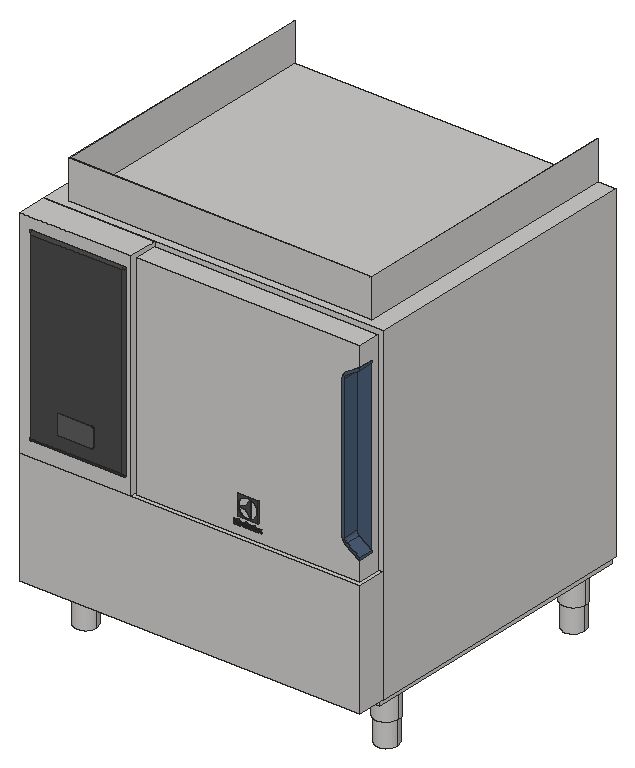
Revit family "QF_ELECTROLUXPROFESSIONAL_725584_EBFA61WHE", category Specialty Equipment, Revit 2023
Family settings
  Round Connector Dimension = Use Diameter
  Part Type = Normal
  Work Plane-Based = No
  Enable Cutting in Views = No
  Always vertical = Yes
  Cut with Voids When Loaded = No
  Maintain Annotation Orientation = No
  Shared = No
  Room Calculation Point = No
Parameters
  Weight = 165.00 kg
  Watts = 0 W
  Volts = 380 V
  URL Manufacturer = "http://www.electroluxprofessional.com"
  URL = "http://www.electroluxprofessional.com"
  Steam Supply Size = 0 mm
  Steam Supply Minimum Pressure = 0.0 Pa
  Steam Supply Maximum Pressure = 0.0 Pa
  Steam Pounds per Hour = 0
  Show Logo [instance] = yes
  Show Clearance [instance] = yes
  Refrigeration Suction Line Size = 0 mm
  Refrigeration Liquid Line Size = 0 mm
  Refrigerant Compressor Remote = yes
  Manufacturer = "Electrolux Professional"
  Phase = 3
  Model = "EBFA61WHE"
  Length Actual = 897 mm
  Item Number = "725584"
  Hot Water Size = 0 mm
  Height Actual = 1020 mm
  HP = "3.6 HP"
  Gas Size = 0 mm
  Gas KW = 0
  Gas Input Pressure = 0 W
  Direct Waste Size = 139.7 mm
  Description = "SKYLINE CHILLS BLAST CHILLER FREEZER 30/30KG 6 GN 1/1 - FOR TOWER EXECUTION - LEFT HINGED DOOR - R290"
  Depth Actual = 937 mm
  Default Elevation = 0 mm
  Cycle = 50 Hz
  Condensate Return Size = 0 mm
  Compressed Air Volume = 0.0 L/s
  Compressed Air Size = 0 mm
  Compressed Air Pressure = 0.0 Pa
  Cold Water Size = 0 mm
  Accessory = no
Reference planes
  plane 1 "Center X": y = 126.851
  plane 2: z = 0
  plane 3 "Center Y": x = -311.5
  plane 4 "LEFT": x = -760
  plane 5 "BACK": y = 548.851
  plane 6 "RIGHT": x = 137
  plane 7 "FRONT": y = -295.149
  plane 8: z = 130
  plane 9: x = -708
  plane 10: y = 473.851
  plane 11: x = 85
  plane 12: y = -142.149
  plane 13 "TOP": z = 1020.038
  plane 14: y = 641.851
  plane 15: y = -847.149
Forms (mm)
  Extrusion 1, solid, material "QF_Finishes_Stainless Steel"
    sketch origin (0, 0, 1060.038) x (-1, 0, 0) y (0, -1, 0)
      loop
        line (759, -548.851) -> (759, 216.149) -> (-136, 216.149) -> (-136, -548.851) -> (759, -548.851)
    from -40 to -910.018
  Extrusion 2, void
    sketch origin (-759, -216.149, 1060.038) x (-1, 0, 0) y (0, 0, 1)
      loop
        line (-370.8, -100) -> (-826.8, -100) -> (-826.8, -491.98) -> (-370.8, -491.98) -> (-370.8, -100)
    from 0 to 703
  Extrusion 3, solid, material "QF_Finishes_Stainless Steel"
    sketch origin (-760, -0.954, 0) x (0, 1, 0) y (0, 0, 1)
      loop
        line (549.805, 694.306) -> (549.805, 392.314) -> (635.5, 399.789)
        arc (635.5, 399.789) -> (640.702, 402.354) -> (642.805, 407.759) r 8
        line (642.805, 407.759) -> (642.805, 433.233)
        arc (642.805, 433.233) -> (638.783, 442.547) -> (642.805, 451.86) r 12.795
        line (642.805, 451.86) -> (642.805, 483.24)
        arc (642.805, 483.24) -> (638.783, 492.554) -> (642.805, 501.867) r 12.795
        line (642.805, 501.867) -> (642.805, 533.247)
        arc (642.805, 533.247) -> (638.783, 542.56) -> (642.805, 551.874) r 12.795
        line (642.805, 551.874) -> (642.805, 583.254)
        arc (642.805, 583.254) -> (638.783, 592.567) -> (642.805, 601.881) r 12.795
        line (642.805, 601.881) -> (642.805, 634.796)
        arc (642.805, 634.796) -> (641.466, 639.795) -> (637.808, 643.455) r 10
        line (637.808, 643.455) -> (549.805, 694.306)
    from 123.244 to 306.92
  Extrusion 4, solid, material "QF_Finishes_Stainless Steel"
    sketch origin (-817.599, 548.851, 1060.038) x (1, 0, 0) y (0, 0, -1)
      loop
        circle (121.599, 802.038) r 10.5
    from 0 to 29
  Extrusion 5, solid, material "QF_Finishes_Stainless Steel"
    sketch origin (0, 0, 1060.038) x (-1, 0, 0) y (0, -1, 0)
      loop
        line (759, 295.149) -> (467.2, 295.149) -> (467.2, 217.149) -> (759, 217.149) -> (759, 295.149)
    from -40 to -607
  Extrusion 6, solid, material "QF_Finishes_Stainless Steel"
    sketch origin (-1206.916, -1524, 130) x (-1, 0, 0) y (0, -1, 0)
      loop
        line (-447.916, -1228.851) -> (-1342.916, -1228.851) -> (-1342.916, -1306.851) -> (-447.916, -1306.851) -> (-447.916, -1228.851)
    from 322 to 20.02
  Extrusion 7, solid, material "QF_Finishes_Stainless Steel"
    sketch origin (0, 0, 1060.038) x (-1, 0, 0) y (0, -1, 0)
      loop
        line (748.993, -548.851) -> (748.993, 214.216) -> (-125.993, 214.216) -> (-125.993, -548.851) -> (748.993, -548.851)
    from -910.018 to -930.038
  Extrusion 8, solid, material "QF_Finishes_Stainless Steel"
    sketch origin (0, 0, 130) x (0, -1, 0) y (-1, 0, 0)
      loop
        circle (-215.851, 360) r 9.5
    from 0 to 31.68
  Extrusion 9, void
    sketch origin (0, 0, 1060.038) x (-1, 0, 0) y (0, -1, 0)
      loop
        line (627.033, -641.851) -> (636.756, -641.851) -> (636.756, -548.851) -> (635.125, -548.851) -> (627.033, -641.851)
      loop
        line (454.711, -548.851) -> (453.08, -548.851) -> (453.08, -641.851) -> (462.803, -641.851) -> (454.711, -548.851)
    from -673 to -363
  Extrusion 10, solid, material "QF_Finishes_Stainless Steel"
    sketch origin (-19, -1, 0) x (1, 0, 0) y (0, 1, 0)
      loop
        line (-690, -190.149) -> (-690, 549.851) -> (-692, 549.851) -> (-692, -192.149) -> (107, -192.149) -> (107, 549.851) -> (105, 549.851) -> (105, -190.149) -> (-690, -190.149)
    from 1020.038 to 1120.038
  Extrusion 11, solid, material "QF_Finishes_Stainless Steel"
    sketch origin (-315.205, -295.149, 0) x (1, 0, 0) y (0, 0, -1)
      loop
        line (451.2, -1020.033) -> (451.2, -968.898) -> (414.947, -944.816)
        arc (414.947, -944.816) -> (408.716, -937.969) -> (406.46, -928.989) r 19
        line (406.46, -928.989) -> (406.46, -554.076)
        arc (406.46, -554.076) -> (408.839, -544.616) -> (415.41, -537.406) r 20
        line (415.41, -537.406) -> (451.2, -513.683) -> (451.2, -462.497) -> (-135.995, -462.497) -> (-135.995, -1020.033) -> (451.2, -1020.033)
    from 0 to 60
  Extrusion 12, solid, material "QF_Finishes_Stainless Steel"
    sketch origin (-315.205, -235.149, 0) x (1, 0, 0) y (0, 0, -1)
      loop
        line (406.46, -554.076) -> (406.46, -928.989)
        arc (406.46, -928.989) -> (408.716, -937.969) -> (414.947, -944.816) r 19
        line (414.947, -944.816) -> (451.2, -968.898) -> (451.2, -513.683) -> (415.41, -537.406)
        arc (415.41, -537.406) -> (408.839, -544.616) -> (406.46, -554.076) r 20
    from -21 to 0
  Extrusion 13, solid, material "QF_Finishes_Electrolux_Blue"
    sketch origin (-315.205, -295.149, 0) x (-1, 0, 0) y (0, 0, -1)
      loop
        line (-451.2, -968.898) -> (-414.947, -944.816)
        arc (-414.947, -944.816) -> (-408.716, -937.969) -> (-406.46, -928.989) r 19
        line (-406.46, -928.989) -> (-406.46, -554.076)
        arc (-406.46, -554.076) -> (-408.839, -544.616) -> (-415.41, -537.406) r 20
        line (-415.41, -537.406) -> (-451.2, -513.683) -> (-453.7, -513.683) -> (-453.7, -519.824) -> (-419.001, -542.824)
        arc (-419.001, -542.824) -> (-414.566, -547.691) -> (-412.96, -554.076) r 13.5
        line (-412.96, -554.076) -> (-412.96, -928.989)
        arc (-412.96, -928.989) -> (-414.444, -934.897) -> (-418.543, -939.401) r 12.5
        line (-418.543, -939.401) -> (-453.7, -962.755) -> (-453.7, -968.898) -> (-451.2, -968.898)
    from -39 to 1
  Extrusion 14, solid, material "QF_Door-Drawer Clearances", visible <- "Show Clearance", detail levels coarse
    sketch origin (-458.205, -393.449, 0) x (0, -1, 0) y (0, 0, -1)
      loop
        line (451.2, -1020.033) -> (451.2, -968.898) -> (414.947, -944.816)
        arc (414.947, -944.816) -> (408.716, -937.969) -> (406.46, -928.989) r 19
        line (406.46, -928.989) -> (406.46, -554.076)
        arc (406.46, -554.076) -> (408.839, -544.616) -> (415.41, -537.406) r 20
        line (415.41, -537.406) -> (451.2, -513.683) -> (451.2, -462.497) -> (-98.3, -462.497) -> (-98.3, -1020.033) -> (451.2, -1020.033)
    from 0 to 60
  Extrusion 15, solid, material "QF_Door-Drawer Clearances", visible <- "Show Clearance", detail levels coarse
    sketch origin (-398.205, -393.449, 0) x (0, -1, 0) y (0, 0, -1)
      loop
        line (406.46, -554.076) -> (406.46, -928.989)
        arc (406.46, -928.989) -> (408.716, -937.969) -> (414.947, -944.816) r 19
        line (414.947, -944.816) -> (451.2, -968.898) -> (451.2, -513.683) -> (415.41, -537.406)
        arc (415.41, -537.406) -> (408.839, -544.616) -> (406.46, -554.076) r 20
    from -21 to 0
  Extrusion 16, solid, material "QF_Door-Drawer Clearances", visible <- "Show Clearance", detail levels coarse
    sketch origin (-458.205, -393.449, 0) x (0, 1, 0) y (0, 0, -1)
      loop
        line (-451.2, -968.898) -> (-414.947, -944.816)
        arc (-414.947, -944.816) -> (-408.716, -937.969) -> (-406.46, -928.989) r 19
        line (-406.46, -928.989) -> (-406.46, -554.076)
        arc (-406.46, -554.076) -> (-408.839, -544.616) -> (-415.41, -537.406) r 20
        line (-415.41, -537.406) -> (-451.2, -513.683) -> (-453.7, -513.683) -> (-453.7, -519.824) -> (-419.001, -542.824)
        arc (-419.001, -542.824) -> (-414.566, -547.691) -> (-412.96, -554.076) r 13.5
        line (-412.96, -554.076) -> (-412.96, -928.989)
        arc (-412.96, -928.989) -> (-414.444, -934.897) -> (-418.543, -939.401) r 12.5
        line (-418.543, -939.401) -> (-453.7, -962.755) -> (-453.7, -968.898) -> (-451.2, -968.898)
    from -39 to 1
  Extrusion 17, solid, material "QF_Door-Drawer Clearances", visible <- "Show Clearance", detail levels coarse
    sketch origin (-315.205, 0, 1060.038) x (1, 0, 0) y (0, 1, 0)
      loop
        line (-83, -295.149) -> (-83, -844.649)
        arc (-83, -844.649) -> (290.883, -673.709) -> (451.2, -295.149) r 567.425
        line (451.2, -295.149) -> (-83, -295.149)
    from -597.541 to -40
Cuts and joins
  Extrusion 2 cuts Extrusion 1
  Extrusion 9 cuts Extrusion 3
  joined: Extrusion 1, Extrusion 3, Extrusion 4, Extrusion 7, Extrusion 8
  joined: Extrusion 14, Extrusion 15, Extrusion 16, Extrusion 17
  joined: Extrusion 11, Extrusion 12
Lines and regions (mm)
  Split face 1
    outline origin (-489, -295.149, 130) x (-1, 0, 0) y (0, 0, -1)
      loop
        line (-132.388, -290.639) -> (-22.373, -290.639) -> (-22.373, -285.612) -> (-132.388, -285.612) -> (-132.388, -290.639)
  Split face 2
    outline origin (-489, -295.149, 120.528) x (-1, 0, 0) y (0, 0, -1)
      loop
        line (-132.388, -290.639) -> (-22.373, -290.639) -> (-22.373, -285.612) -> (-132.388, -285.612) -> (-132.388, -290.639)
  Split face 3
    outline origin (-489, -295.149, 111.056) x (-1, 0, 0) y (0, 0, -1)
      loop
        line (-132.388, -290.639) -> (-22.373, -290.639) -> (-22.373, -285.612) -> (-132.388, -285.612) -> (-132.388, -290.639)
  Split face 4
    outline origin (-489, -295.149, 101.583) x (-1, 0, 0) y (0, 0, -1)
      loop
        line (-132.388, -290.639) -> (-22.373, -290.639) -> (-22.373, -285.612) -> (-132.388, -285.612) -> (-132.388, -290.639)
  Split face 5
    outline origin (-489, -295.149, 92.111) x (-1, 0, 0) y (0, 0, -1)
      loop
        line (-132.388, -290.639) -> (-22.373, -290.639) -> (-22.373, -285.612) -> (-132.388, -285.612) -> (-132.388, -290.639)
  Split face 6
    outline origin (-489, -295.149, 82.639) x (-1, 0, 0) y (0, 0, -1)
      loop
        line (-132.388, -290.639) -> (-22.373, -290.639) -> (-22.373, -285.612) -> (-132.388, -285.612) -> (-132.388, -290.639)
  Split face 7
    outline origin (-489, -295.149, 73.167) x (-1, 0, 0) y (0, 0, -1)
      loop
        line (-132.388, -290.639) -> (-22.373, -290.639) -> (-22.373, -285.612) -> (-132.388, -285.612) -> (-132.388, -290.639)
  Split face 8
    outline origin (-489, -295.149, 63.695) x (-1, 0, 0) y (0, 0, -1)
      loop
        line (-132.388, -290.639) -> (-22.373, -290.639) -> (-22.373, -285.612) -> (-132.388, -285.612) -> (-132.388, -290.639)
  Split face 9
    outline origin (-489, -295.149, 54.223) x (-1, 0, 0) y (0, 0, -1)
      loop
        line (-132.388, -290.639) -> (-22.373, -290.639) -> (-22.373, -285.612) -> (-132.388, -285.612) -> (-132.388, -290.639)
  Split face 10
    outline origin (-489, -295.149, 44.75) x (-1, 0, 0) y (0, 0, -1)
      loop
        line (-132.388, -290.639) -> (-22.373, -290.639) -> (-22.373, -285.612) -> (-132.388, -285.612) -> (-132.388, -290.639)
  Split face 11
    outline origin (-489, -295.149, 35.278) x (-1, 0, 0) y (0, 0, -1)
      loop
        line (-132.388, -290.639) -> (-22.373, -290.639) -> (-22.373, -285.612) -> (-132.388, -285.612) -> (-132.388, -290.639)
  Split face 12
    outline origin (-489, -295.149, 25.806) x (-1, 0, 0) y (0, 0, -1)
      loop
        line (-132.388, -290.639) -> (-22.373, -290.639) -> (-22.373, -285.612) -> (-132.388, -285.612) -> (-132.388, -290.639)
  Split face 13
    outline origin (-489, -295.149, 16.334) x (-1, 0, 0) y (0, 0, -1)
      loop
        line (-132.388, -290.639) -> (-22.373, -290.639) -> (-22.373, -285.612) -> (-132.388, -285.612) -> (-132.388, -290.639)
  Split face 14
    outline origin (-489, -295.149, 6.862) x (-1, 0, 0) y (0, 0, -1)
      loop
        line (-132.388, -290.639) -> (-22.373, -290.639) -> (-22.373, -285.612) -> (-132.388, -285.612) -> (-132.388, -290.639)
  Split face 15
    outline origin (-489, -295.149, -2.611) x (-1, 0, 0) y (0, 0, -1)
      loop
        line (-132.388, -290.639) -> (-22.373, -290.639) -> (-22.373, -285.612) -> (-132.388, -285.612) -> (-132.388, -290.639)
  Split face 16
    outline origin (-489, -295.149, -12.083) x (-1, 0, 0) y (0, 0, -1)
      loop
        line (-132.388, -290.639) -> (-22.373, -290.639) -> (-22.373, -285.612) -> (-132.388, -285.612) -> (-132.388, -290.639)
  Split face 17
    outline origin (-489, -295.149, -21.555) x (-1, 0, 0) y (0, 0, -1)
      loop
        line (-132.388, -290.639) -> (-22.373, -290.639) -> (-22.373, -285.612) -> (-132.388, -285.612) -> (-132.388, -290.639)
  Split face 18
    outline origin (-489, -295.149, -31.027) x (-1, 0, 0) y (0, 0, -1)
      loop
        line (-132.388, -290.639) -> (-22.373, -290.639) -> (-22.373, -285.612) -> (-132.388, -285.612) -> (-132.388, -290.639)
  Split face 19
    outline origin (-489, -295.149, -40.499) x (-1, 0, 0) y (0, 0, -1)
      loop
        line (-132.388, -290.639) -> (-22.373, -290.639) -> (-22.373, -285.612) -> (-132.388, -285.612) -> (-132.388, -290.639)
  Split face 20
    outline origin (-489, -295.149, -49.972) x (-1, 0, 0) y (0, 0, -1)
      loop
        line (-132.388, -290.639) -> (-22.373, -290.639) -> (-22.373, -285.612) -> (-132.388, -285.612) -> (-132.388, -290.639)
  Split face 21
    outline origin (-489, -295.149, -59.444) x (-1, 0, 0) y (0, 0, -1)
      loop
        line (-132.388, -290.639) -> (-22.373, -290.639) -> (-22.373, -285.612) -> (-132.388, -285.612) -> (-132.388, -290.639)
  Split face 22
    outline origin (-489, -295.149, -68.916) x (-1, 0, 0) y (0, 0, -1)
      loop
        line (-132.388, -290.639) -> (-22.373, -290.639) -> (-22.373, -285.612) -> (-132.388, -285.612) -> (-132.388, -290.639)
  Split face 23
    outline origin (-489, -295.149, -78.388) x (-1, 0, 0) y (0, 0, -1)
      loop
        line (-132.388, -290.639) -> (-22.373, -290.639) -> (-22.373, -285.612) -> (-132.388, -285.612) -> (-132.388, -290.639)
  Split face 24
    outline origin (-489, -295.149, -87.86) x (-1, 0, 0) y (0, 0, -1)
      loop
        line (-132.388, -290.639) -> (-22.373, -290.639) -> (-22.373, -285.612) -> (-132.388, -285.612) -> (-132.388, -290.639)
  Split face 25
    outline origin (-489, -295.149, -97.332) x (-1, 0, 0) y (0, 0, -1)
      loop
        line (-132.388, -290.639) -> (-22.373, -290.639) -> (-22.373, -285.612) -> (-132.388, -285.612) -> (-132.388, -290.639)
  Split face 26
    outline origin (-489, -295.149, -106.805) x (-1, 0, 0) y (0, 0, -1)
      loop
        line (-132.388, -290.639) -> (-22.373, -290.639) -> (-22.373, -285.612) -> (-132.388, -285.612) -> (-132.388, -290.639)
  Split face 27
    outline origin (-373.984, -295.149, 130) x (-1, 0, 0) y (0, 0, -1)
      loop
        line (-132.388, -290.639) -> (-22.373, -290.639) -> (-22.373, -285.612) -> (-132.388, -285.612) -> (-132.388, -290.639)
  Split face 28
    outline origin (-373.984, -295.149, 120.528) x (-1, 0, 0) y (0, 0, -1)
      loop
        line (-132.388, -290.639) -> (-22.373, -290.639) -> (-22.373, -285.612) -> (-132.388, -285.612) -> (-132.388, -290.639)
  Split face 29
    outline origin (-373.984, -295.149, 111.056) x (-1, 0, 0) y (0, 0, -1)
      loop
        line (-132.388, -290.639) -> (-22.373, -290.639) -> (-22.373, -285.612) -> (-132.388, -285.612) -> (-132.388, -290.639)
  Split face 30
    outline origin (-373.984, -295.149, 101.583) x (-1, 0, 0) y (0, 0, -1)
      loop
        line (-132.388, -290.639) -> (-22.373, -290.639) -> (-22.373, -285.612) -> (-132.388, -285.612) -> (-132.388, -290.639)
  Split face 31
    outline origin (-373.984, -295.149, 92.111) x (-1, 0, 0) y (0, 0, -1)
      loop
        line (-132.388, -290.639) -> (-22.373, -290.639) -> (-22.373, -285.612) -> (-132.388, -285.612) -> (-132.388, -290.639)
  Split face 32
    outline origin (-373.984, -295.149, 82.639) x (-1, 0, 0) y (0, 0, -1)
      loop
        line (-132.388, -290.639) -> (-22.373, -290.639) -> (-22.373, -285.612) -> (-132.388, -285.612) -> (-132.388, -290.639)
  Split face 33
    outline origin (-373.984, -295.149, 73.167) x (-1, 0, 0) y (0, 0, -1)
      loop
        line (-132.388, -290.639) -> (-22.373, -290.639) -> (-22.373, -285.612) -> (-132.388, -285.612) -> (-132.388, -290.639)
  Split face 34
    outline origin (-373.984, -295.149, 63.695) x (-1, 0, 0) y (0, 0, -1)
      loop
        line (-132.388, -290.639) -> (-22.373, -290.639) -> (-22.373, -285.612) -> (-132.388, -285.612) -> (-132.388, -290.639)
  Split face 35
    outline origin (-373.984, -295.149, 54.223) x (-1, 0, 0) y (0, 0, -1)
      loop
        line (-132.388, -290.639) -> (-22.373, -290.639) -> (-22.373, -285.612) -> (-132.388, -285.612) -> (-132.388, -290.639)
  Split face 36
    outline origin (-373.984, -295.149, 44.75) x (-1, 0, 0) y (0, 0, -1)
      loop
        line (-132.388, -290.639) -> (-22.373, -290.639) -> (-22.373, -285.612) -> (-132.388, -285.612) -> (-132.388, -290.639)
  Split face 37
    outline origin (-373.984, -295.149, 35.278) x (-1, 0, 0) y (0, 0, -1)
      loop
        line (-132.388, -290.639) -> (-22.373, -290.639) -> (-22.373, -285.612) -> (-132.388, -285.612) -> (-132.388, -290.639)
  Split face 38
    outline origin (-373.984, -295.149, 25.806) x (-1, 0, 0) y (0, 0, -1)
      loop
        line (-132.388, -290.639) -> (-22.373, -290.639) -> (-22.373, -285.612) -> (-132.388, -285.612) -> (-132.388, -290.639)
  Split face 39
    outline origin (-373.984, -295.149, 16.334) x (-1, 0, 0) y (0, 0, -1)
      loop
        line (-132.388, -290.639) -> (-22.373, -290.639) -> (-22.373, -285.612) -> (-132.388, -285.612) -> (-132.388, -290.639)
  Split face 40
    outline origin (-373.984, -295.149, 6.862) x (-1, 0, 0) y (0, 0, -1)
      loop
        line (-132.388, -290.639) -> (-22.373, -290.639) -> (-22.373, -285.612) -> (-132.388, -285.612) -> (-132.388, -290.639)
  Split face 41
    outline origin (-373.984, -295.149, -2.611) x (-1, 0, 0) y (0, 0, -1)
      loop
        line (-132.388, -290.639) -> (-22.373, -290.639) -> (-22.373, -285.612) -> (-132.388, -285.612) -> (-132.388, -290.639)
  Split face 42
    outline origin (-373.984, -295.149, -12.083) x (-1, 0, 0) y (0, 0, -1)
      loop
        line (-132.388, -290.639) -> (-22.373, -290.639) -> (-22.373, -285.612) -> (-132.388, -285.612) -> (-132.388, -290.639)
  Split face 43
    outline origin (-373.984, -295.149, -21.555) x (-1, 0, 0) y (0, 0, -1)
      loop
        line (-132.388, -290.639) -> (-22.373, -290.639) -> (-22.373, -285.612) -> (-132.388, -285.612) -> (-132.388, -290.639)
  Split face 44
    outline origin (-373.984, -295.149, -31.027) x (-1, 0, 0) y (0, 0, -1)
      loop
        line (-132.388, -290.639) -> (-22.373, -290.639) -> (-22.373, -285.612) -> (-132.388, -285.612) -> (-132.388, -290.639)
  Split face 45
    outline origin (-373.984, -295.149, -40.499) x (-1, 0, 0) y (0, 0, -1)
      loop
        line (-132.388, -290.639) -> (-22.373, -290.639) -> (-22.373, -285.612) -> (-132.388, -285.612) -> (-132.388, -290.639)
  Split face 46
    outline origin (-373.984, -295.149, -49.972) x (-1, 0, 0) y (0, 0, -1)
      loop
        line (-132.388, -290.639) -> (-22.373, -290.639) -> (-22.373, -285.612) -> (-132.388, -285.612) -> (-132.388, -290.639)
  Split face 47
    outline origin (-373.984, -295.149, -59.444) x (-1, 0, 0) y (0, 0, -1)
      loop
        line (-132.388, -290.639) -> (-22.373, -290.639) -> (-22.373, -285.612) -> (-132.388, -285.612) -> (-132.388, -290.639)
  Split face 48
    outline origin (-373.984, -295.149, -68.916) x (-1, 0, 0) y (0, 0, -1)
      loop
        line (-132.388, -290.639) -> (-22.373, -290.639) -> (-22.373, -285.612) -> (-132.388, -285.612) -> (-132.388, -290.639)
  Split face 49
    outline origin (-373.984, -295.149, -78.388) x (-1, 0, 0) y (0, 0, -1)
      loop
        line (-132.388, -290.639) -> (-22.373, -290.639) -> (-22.373, -285.612) -> (-132.388, -285.612) -> (-132.388, -290.639)
  Split face 50
    outline origin (-373.984, -295.149, -87.86) x (-1, 0, 0) y (0, 0, -1)
      loop
        line (-132.388, -290.639) -> (-22.373, -290.639) -> (-22.373, -285.612) -> (-132.388, -285.612) -> (-132.388, -290.639)
  Split face 51
    outline origin (-373.984, -295.149, -97.332) x (-1, 0, 0) y (0, 0, -1)
      loop
        line (-132.388, -290.639) -> (-22.373, -290.639) -> (-22.373, -285.612) -> (-132.388, -285.612) -> (-132.388, -290.639)
  Split face 52
    outline origin (-373.984, -295.149, -106.805) x (-1, 0, 0) y (0, 0, -1)
      loop
        line (-132.388, -290.639) -> (-22.373, -290.639) -> (-22.373, -285.612) -> (-132.388, -285.612) -> (-132.388, -290.639)
  Split face 53
    outline origin (-258.969, -295.149, 130) x (-1, 0, 0) y (0, 0, -1)
      loop
        line (-132.388, -290.639) -> (-22.373, -290.639) -> (-22.373, -285.612) -> (-132.388, -285.612) -> (-132.388, -290.639)
  Split face 54
    outline origin (-258.969, -295.149, 120.528) x (-1, 0, 0) y (0, 0, -1)
      loop
        line (-132.388, -290.639) -> (-22.373, -290.639) -> (-22.373, -285.612) -> (-132.388, -285.612) -> (-132.388, -290.639)
  Split face 55
    outline origin (-258.969, -295.149, 111.056) x (-1, 0, 0) y (0, 0, -1)
      loop
        line (-132.388, -290.639) -> (-22.373, -290.639) -> (-22.373, -285.612) -> (-132.388, -285.612) -> (-132.388, -290.639)
  Split face 56
    outline origin (-258.969, -295.149, 101.583) x (-1, 0, 0) y (0, 0, -1)
      loop
        line (-132.388, -290.639) -> (-22.373, -290.639) -> (-22.373, -285.612) -> (-132.388, -285.612) -> (-132.388, -290.639)
  Split face 57
    outline origin (-258.969, -295.149, 92.111) x (-1, 0, 0) y (0, 0, -1)
      loop
        line (-132.388, -290.639) -> (-22.373, -290.639) -> (-22.373, -285.612) -> (-132.388, -285.612) -> (-132.388, -290.639)
  Split face 58
    outline origin (-258.969, -295.149, 82.639) x (-1, 0, 0) y (0, 0, -1)
      loop
        line (-132.388, -290.639) -> (-22.373, -290.639) -> (-22.373, -285.612) -> (-132.388, -285.612) -> (-132.388, -290.639)
  Split face 59
    outline origin (-258.969, -295.149, 73.167) x (-1, 0, 0) y (0, 0, -1)
      loop
        line (-132.388, -290.639) -> (-22.373, -290.639) -> (-22.373, -285.612) -> (-132.388, -285.612) -> (-132.388, -290.639)
  Split face 60
    outline origin (-258.969, -295.149, 63.695) x (-1, 0, 0) y (0, 0, -1)
      loop
        line (-132.388, -290.639) -> (-22.373, -290.639) -> (-22.373, -285.612) -> (-132.388, -285.612) -> (-132.388, -290.639)
  Split face 61
    outline origin (-258.969, -295.149, 54.223) x (-1, 0, 0) y (0, 0, -1)
      loop
        line (-132.388, -290.639) -> (-22.373, -290.639) -> (-22.373, -285.612) -> (-132.388, -285.612) -> (-132.388, -290.639)
  Split face 62
    outline origin (-258.969, -295.149, 44.75) x (-1, 0, 0) y (0, 0, -1)
      loop
        line (-132.388, -290.639) -> (-22.373, -290.639) -> (-22.373, -285.612) -> (-132.388, -285.612) -> (-132.388, -290.639)
  Split face 63
    outline origin (-258.969, -295.149, 35.278) x (-1, 0, 0) y (0, 0, -1)
      loop
        line (-132.388, -290.639) -> (-22.373, -290.639) -> (-22.373, -285.612) -> (-132.388, -285.612) -> (-132.388, -290.639)
  Split face 64
    outline origin (-258.969, -295.149, 25.806) x (-1, 0, 0) y (0, 0, -1)
      loop
        line (-132.388, -290.639) -> (-22.373, -290.639) -> (-22.373, -285.612) -> (-132.388, -285.612) -> (-132.388, -290.639)
  Split face 65
    outline origin (-258.969, -295.149, 16.334) x (-1, 0, 0) y (0, 0, -1)
      loop
        line (-132.388, -290.639) -> (-22.373, -290.639) -> (-22.373, -285.612) -> (-132.388, -285.612) -> (-132.388, -290.639)
  Split face 66
    outline origin (-258.969, -295.149, 6.862) x (-1, 0, 0) y (0, 0, -1)
      loop
        line (-132.388, -290.639) -> (-22.373, -290.639) -> (-22.373, -285.612) -> (-132.388, -285.612) -> (-132.388, -290.639)
  Split face 67
    outline origin (-258.969, -295.149, -2.611) x (-1, 0, 0) y (0, 0, -1)
      loop
        line (-132.388, -290.639) -> (-22.373, -290.639) -> (-22.373, -285.612) -> (-132.388, -285.612) -> (-132.388, -290.639)
  Split face 68
    outline origin (-258.969, -295.149, -12.083) x (-1, 0, 0) y (0, 0, -1)
      loop
        line (-132.388, -290.639) -> (-22.373, -290.639) -> (-22.373, -285.612) -> (-132.388, -285.612) -> (-132.388, -290.639)
  Split face 69
    outline origin (-258.969, -295.149, -21.555) x (-1, 0, 0) y (0, 0, -1)
      loop
        line (-132.388, -290.639) -> (-22.373, -290.639) -> (-22.373, -285.612) -> (-132.388, -285.612) -> (-132.388, -290.639)
  Split face 70
    outline origin (-258.969, -295.149, -31.027) x (-1, 0, 0) y (0, 0, -1)
      loop
        line (-132.388, -290.639) -> (-22.373, -290.639) -> (-22.373, -285.612) -> (-132.388, -285.612) -> (-132.388, -290.639)
  Split face 71
    outline origin (-258.969, -295.149, -40.499) x (-1, 0, 0) y (0, 0, -1)
      loop
        line (-132.388, -290.639) -> (-22.373, -290.639) -> (-22.373, -285.612) -> (-132.388, -285.612) -> (-132.388, -290.639)
  Split face 72
    outline origin (-258.969, -295.149, -49.972) x (-1, 0, 0) y (0, 0, -1)
      loop
        line (-132.388, -290.639) -> (-22.373, -290.639) -> (-22.373, -285.612) -> (-132.388, -285.612) -> (-132.388, -290.639)
  Split face 73
    outline origin (-258.969, -295.149, -59.444) x (-1, 0, 0) y (0, 0, -1)
      loop
        line (-132.388, -290.639) -> (-22.373, -290.639) -> (-22.373, -285.612) -> (-132.388, -285.612) -> (-132.388, -290.639)
  Split face 74
    outline origin (-258.969, -295.149, -68.916) x (-1, 0, 0) y (0, 0, -1)
      loop
        line (-132.388, -290.639) -> (-22.373, -290.639) -> (-22.373, -285.612) -> (-132.388, -285.612) -> (-132.388, -290.639)
  Split face 75
    outline origin (-258.969, -295.149, -78.388) x (-1, 0, 0) y (0, 0, -1)
      loop
        line (-132.388, -290.639) -> (-22.373, -290.639) -> (-22.373, -285.612) -> (-132.388, -285.612) -> (-132.388, -290.639)
  Split face 76
    outline origin (-258.969, -295.149, -87.86) x (-1, 0, 0) y (0, 0, -1)
      loop
        line (-132.388, -290.639) -> (-22.373, -290.639) -> (-22.373, -285.612) -> (-132.388, -285.612) -> (-132.388, -290.639)
  Split face 77
    outline origin (-258.969, -295.149, -97.332) x (-1, 0, 0) y (0, 0, -1)
      loop
        line (-132.388, -290.639) -> (-22.373, -290.639) -> (-22.373, -285.612) -> (-132.388, -285.612) -> (-132.388, -290.639)
  Split face 78
    outline origin (-258.969, -295.149, -106.805) x (-1, 0, 0) y (0, 0, -1)
      loop
        line (-132.388, -290.639) -> (-22.373, -290.639) -> (-22.373, -285.612) -> (-132.388, -285.612) -> (-132.388, -290.639)
  Split face 79
    outline origin (-143.953, -295.149, 130) x (-1, 0, 0) y (0, 0, -1)
      loop
        line (-132.388, -290.639) -> (-22.373, -290.639) -> (-22.373, -285.612) -> (-132.388, -285.612) -> (-132.388, -290.639)
  Split face 80
    outline origin (-143.953, -295.149, 120.528) x (-1, 0, 0) y (0, 0, -1)
      loop
        line (-132.388, -290.639) -> (-22.373, -290.639) -> (-22.373, -285.612) -> (-132.388, -285.612) -> (-132.388, -290.639)
  Split face 81
    outline origin (-143.953, -295.149, 111.056) x (-1, 0, 0) y (0, 0, -1)
      loop
        line (-132.388, -290.639) -> (-22.373, -290.639) -> (-22.373, -285.612) -> (-132.388, -285.612) -> (-132.388, -290.639)
  Split face 82
    outline origin (-143.953, -295.149, 101.583) x (-1, 0, 0) y (0, 0, -1)
      loop
        line (-132.388, -290.639) -> (-22.373, -290.639) -> (-22.373, -285.612) -> (-132.388, -285.612) -> (-132.388, -290.639)
  Split face 83
    outline origin (-143.953, -295.149, 92.111) x (-1, 0, 0) y (0, 0, -1)
      loop
        line (-132.388, -290.639) -> (-22.373, -290.639) -> (-22.373, -285.612) -> (-132.388, -285.612) -> (-132.388, -290.639)
  Split face 84
    outline origin (-143.953, -295.149, 82.639) x (-1, 0, 0) y (0, 0, -1)
      loop
        line (-132.388, -290.639) -> (-22.373, -290.639) -> (-22.373, -285.612) -> (-132.388, -285.612) -> (-132.388, -290.639)
  Split face 85
    outline origin (-143.953, -295.149, 73.167) x (-1, 0, 0) y (0, 0, -1)
      loop
        line (-132.388, -290.639) -> (-22.373, -290.639) -> (-22.373, -285.612) -> (-132.388, -285.612) -> (-132.388, -290.639)
  Split face 86
    outline origin (-143.953, -295.149, 63.695) x (-1, 0, 0) y (0, 0, -1)
      loop
        line (-132.388, -290.639) -> (-22.373, -290.639) -> (-22.373, -285.612) -> (-132.388, -285.612) -> (-132.388, -290.639)
  Split face 87
    outline origin (-143.953, -295.149, 54.223) x (-1, 0, 0) y (0, 0, -1)
      loop
        line (-132.388, -290.639) -> (-22.373, -290.639) -> (-22.373, -285.612) -> (-132.388, -285.612) -> (-132.388, -290.639)
  Split face 88
    outline origin (-143.953, -295.149, 44.75) x (-1, 0, 0) y (0, 0, -1)
      loop
        line (-132.388, -290.639) -> (-22.373, -290.639) -> (-22.373, -285.612) -> (-132.388, -285.612) -> (-132.388, -290.639)
  Split face 89
    outline origin (-143.953, -295.149, 35.278) x (-1, 0, 0) y (0, 0, -1)
      loop
        line (-132.388, -290.639) -> (-22.373, -290.639) -> (-22.373, -285.612) -> (-132.388, -285.612) -> (-132.388, -290.639)
  Split face 90
    outline origin (-143.953, -295.149, 25.806) x (-1, 0, 0) y (0, 0, -1)
      loop
        line (-132.388, -290.639) -> (-22.373, -290.639) -> (-22.373, -285.612) -> (-132.388, -285.612) -> (-132.388, -290.639)
  Split face 91
    outline origin (-143.953, -295.149, 16.334) x (-1, 0, 0) y (0, 0, -1)
      loop
        line (-132.388, -290.639) -> (-22.373, -290.639) -> (-22.373, -285.612) -> (-132.388, -285.612) -> (-132.388, -290.639)
  Split face 92
    outline origin (-143.953, -295.149, 6.862) x (-1, 0, 0) y (0, 0, -1)
      loop
        line (-132.388, -290.639) -> (-22.373, -290.639) -> (-22.373, -285.612) -> (-132.388, -285.612) -> (-132.388, -290.639)
  Split face 93
    outline origin (-143.953, -295.149, -2.611) x (-1, 0, 0) y (0, 0, -1)
      loop
        line (-132.388, -290.639) -> (-22.373, -290.639) -> (-22.373, -285.612) -> (-132.388, -285.612) -> (-132.388, -290.639)
  Split face 94
    outline origin (-143.953, -295.149, -12.083) x (-1, 0, 0) y (0, 0, -1)
      loop
        line (-132.388, -290.639) -> (-22.373, -290.639) -> (-22.373, -285.612) -> (-132.388, -285.612) -> (-132.388, -290.639)
  Split face 95
    outline origin (-143.953, -295.149, -21.555) x (-1, 0, 0) y (0, 0, -1)
      loop
        line (-132.388, -290.639) -> (-22.373, -290.639) -> (-22.373, -285.612) -> (-132.388, -285.612) -> (-132.388, -290.639)
  Split face 96
    outline origin (-143.953, -295.149, -31.027) x (-1, 0, 0) y (0, 0, -1)
      loop
        line (-132.388, -290.639) -> (-22.373, -290.639) -> (-22.373, -285.612) -> (-132.388, -285.612) -> (-132.388, -290.639)
  Split face 97
    outline origin (-143.953, -295.149, -40.499) x (-1, 0, 0) y (0, 0, -1)
      loop
        line (-132.388, -290.639) -> (-22.373, -290.639) -> (-22.373, -285.612) -> (-132.388, -285.612) -> (-132.388, -290.639)
  Split face 98
    outline origin (-143.953, -295.149, -49.972) x (-1, 0, 0) y (0, 0, -1)
      loop
        line (-132.388, -290.639) -> (-22.373, -290.639) -> (-22.373, -285.612) -> (-132.388, -285.612) -> (-132.388, -290.639)
  Split face 99
    outline origin (-143.953, -295.149, -59.444) x (-1, 0, 0) y (0, 0, -1)
      loop
        line (-132.388, -290.639) -> (-22.373, -290.639) -> (-22.373, -285.612) -> (-132.388, -285.612) -> (-132.388, -290.639)
  Split face 100
    outline origin (-143.953, -295.149, -68.916) x (-1, 0, 0) y (0, 0, -1)
      loop
        line (-132.388, -290.639) -> (-22.373, -290.639) -> (-22.373, -285.612) -> (-132.388, -285.612) -> (-132.388, -290.639)
  Split face 101
    outline origin (-143.953, -295.149, -78.388) x (-1, 0, 0) y (0, 0, -1)
      loop
        line (-132.388, -290.639) -> (-22.373, -290.639) -> (-22.373, -285.612) -> (-132.388, -285.612) -> (-132.388, -290.639)
  Split face 102
    outline origin (-143.953, -295.149, -87.86) x (-1, 0, 0) y (0, 0, -1)
      loop
        line (-132.388, -290.639) -> (-22.373, -290.639) -> (-22.373, -285.612) -> (-132.388, -285.612) -> (-132.388, -290.639)
  Split face 103
    outline origin (-143.953, -295.149, -97.332) x (-1, 0, 0) y (0, 0, -1)
      loop
        line (-132.388, -290.639) -> (-22.373, -290.639) -> (-22.373, -285.612) -> (-132.388, -285.612) -> (-132.388, -290.639)
  Split face 104
    outline origin (-143.953, -295.149, -106.805) x (-1, 0, 0) y (0, 0, -1)
      loop
        line (-132.388, -290.639) -> (-22.373, -290.639) -> (-22.373, -285.612) -> (-132.388, -285.612) -> (-132.388, -290.639)
  Split face 105
    outline origin (-28.938, -295.149, 130) x (-1, 0, 0) y (0, 0, -1)
      loop
        line (-132.388, -290.639) -> (-22.373, -290.639) -> (-22.373, -285.612) -> (-132.388, -285.612) -> (-132.388, -290.639)
  Split face 106
    outline origin (-28.938, -295.149, 120.528) x (-1, 0, 0) y (0, 0, -1)
      loop
        line (-132.388, -290.639) -> (-22.373, -290.639) -> (-22.373, -285.612) -> (-132.388, -285.612) -> (-132.388, -290.639)
  Split face 107
    outline origin (-28.938, -295.149, 111.056) x (-1, 0, 0) y (0, 0, -1)
      loop
        line (-132.388, -290.639) -> (-22.373, -290.639) -> (-22.373, -285.612) -> (-132.388, -285.612) -> (-132.388, -290.639)
  Split face 108
    outline origin (-28.938, -295.149, 101.583) x (-1, 0, 0) y (0, 0, -1)
      loop
        line (-132.388, -290.639) -> (-22.373, -290.639) -> (-22.373, -285.612) -> (-132.388, -285.612) -> (-132.388, -290.639)
  Split face 109
    outline origin (-28.938, -295.149, 92.111) x (-1, 0, 0) y (0, 0, -1)
      loop
        line (-132.388, -290.639) -> (-22.373, -290.639) -> (-22.373, -285.612) -> (-132.388, -285.612) -> (-132.388, -290.639)
  Split face 110
    outline origin (-28.938, -295.149, 82.639) x (-1, 0, 0) y (0, 0, -1)
      loop
        line (-132.388, -290.639) -> (-22.373, -290.639) -> (-22.373, -285.612) -> (-132.388, -285.612) -> (-132.388, -290.639)
  Split face 111
    outline origin (-28.938, -295.149, 73.167) x (-1, 0, 0) y (0, 0, -1)
      loop
        line (-132.388, -290.639) -> (-22.373, -290.639) -> (-22.373, -285.612) -> (-132.388, -285.612) -> (-132.388, -290.639)
  Split face 112
    outline origin (-28.938, -295.149, 63.695) x (-1, 0, 0) y (0, 0, -1)
      loop
        line (-132.388, -290.639) -> (-22.373, -290.639) -> (-22.373, -285.612) -> (-132.388, -285.612) -> (-132.388, -290.639)
  Split face 113
    outline origin (-28.938, -295.149, 54.223) x (-1, 0, 0) y (0, 0, -1)
      loop
        line (-132.388, -290.639) -> (-22.373, -290.639) -> (-22.373, -285.612) -> (-132.388, -285.612) -> (-132.388, -290.639)
  Split face 114
    outline origin (-28.938, -295.149, 44.75) x (-1, 0, 0) y (0, 0, -1)
      loop
        line (-132.388, -290.639) -> (-22.373, -290.639) -> (-22.373, -285.612) -> (-132.388, -285.612) -> (-132.388, -290.639)
  Split face 115
    outline origin (-28.938, -295.149, 35.278) x (-1, 0, 0) y (0, 0, -1)
      loop
        line (-132.388, -290.639) -> (-22.373, -290.639) -> (-22.373, -285.612) -> (-132.388, -285.612) -> (-132.388, -290.639)
  Split face 116
    outline origin (-28.938, -295.149, 25.806) x (-1, 0, 0) y (0, 0, -1)
      loop
        line (-132.388, -290.639) -> (-22.373, -290.639) -> (-22.373, -285.612) -> (-132.388, -285.612) -> (-132.388, -290.639)
  Split face 117
    outline origin (-28.938, -295.149, 16.334) x (-1, 0, 0) y (0, 0, -1)
      loop
        line (-132.388, -290.639) -> (-22.373, -290.639) -> (-22.373, -285.612) -> (-132.388, -285.612) -> (-132.388, -290.639)
  Split face 118
    outline origin (-28.938, -295.149, 6.862) x (-1, 0, 0) y (0, 0, -1)
      loop
        line (-132.388, -290.639) -> (-22.373, -290.639) -> (-22.373, -285.612) -> (-132.388, -285.612) -> (-132.388, -290.639)
  Split face 119
    outline origin (-28.938, -295.149, -2.611) x (-1, 0, 0) y (0, 0, -1)
      loop
        line (-132.388, -290.639) -> (-22.373, -290.639) -> (-22.373, -285.612) -> (-132.388, -285.612) -> (-132.388, -290.639)
  Split face 120
    outline origin (-28.938, -295.149, -12.083) x (-1, 0, 0) y (0, 0, -1)
      loop
        line (-132.388, -290.639) -> (-22.373, -290.639) -> (-22.373, -285.612) -> (-132.388, -285.612) -> (-132.388, -290.639)
  Split face 121
    outline origin (-28.938, -295.149, -21.555) x (-1, 0, 0) y (0, 0, -1)
      loop
        line (-132.388, -290.639) -> (-22.373, -290.639) -> (-22.373, -285.612) -> (-132.388, -285.612) -> (-132.388, -290.639)
  Split face 122
    outline origin (-28.938, -295.149, -31.027) x (-1, 0, 0) y (0, 0, -1)
      loop
        line (-132.388, -290.639) -> (-22.373, -290.639) -> (-22.373, -285.612) -> (-132.388, -285.612) -> (-132.388, -290.639)
  Split face 123
    outline origin (-28.938, -295.149, -40.499) x (-1, 0, 0) y (0, 0, -1)
      loop
        line (-132.388, -290.639) -> (-22.373, -290.639) -> (-22.373, -285.612) -> (-132.388, -285.612) -> (-132.388, -290.639)
  Split face 124
    outline origin (-28.938, -295.149, -49.972) x (-1, 0, 0) y (0, 0, -1)
      loop
        line (-132.388, -290.639) -> (-22.373, -290.639) -> (-22.373, -285.612) -> (-132.388, -285.612) -> (-132.388, -290.639)
  Split face 125
    outline origin (-28.938, -295.149, -59.444) x (-1, 0, 0) y (0, 0, -1)
      loop
        line (-132.388, -290.639) -> (-22.373, -290.639) -> (-22.373, -285.612) -> (-132.388, -285.612) -> (-132.388, -290.639)
  Split face 126
    outline origin (-28.938, -295.149, -68.916) x (-1, 0, 0) y (0, 0, -1)
      loop
        line (-132.388, -290.639) -> (-22.373, -290.639) -> (-22.373, -285.612) -> (-132.388, -285.612) -> (-132.388, -290.639)
  Split face 127
    outline origin (-28.938, -295.149, -78.388) x (-1, 0, 0) y (0, 0, -1)
      loop
        line (-132.388, -290.639) -> (-22.373, -290.639) -> (-22.373, -285.612) -> (-132.388, -285.612) -> (-132.388, -290.639)
  Split face 128
    outline origin (-28.938, -295.149, -87.86) x (-1, 0, 0) y (0, 0, -1)
      loop
        line (-132.388, -290.639) -> (-22.373, -290.639) -> (-22.373, -285.612) -> (-132.388, -285.612) -> (-132.388, -290.639)
  Split face 129
    outline origin (-28.938, -295.149, -97.332) x (-1, 0, 0) y (0, 0, -1)
      loop
        line (-132.388, -290.639) -> (-22.373, -290.639) -> (-22.373, -285.612) -> (-132.388, -285.612) -> (-132.388, -290.639)
  Split face 130
    outline origin (-28.938, -295.149, -106.805) x (-1, 0, 0) y (0, 0, -1)
      loop
        line (-132.388, -290.639) -> (-22.373, -290.639) -> (-22.373, -285.612) -> (-132.388, -285.612) -> (-132.388, -290.639)
  symbolic lines
    curve 1: line (-760, 548.851, 1060.038) -> (137, 548.851, 1060.038)
    curve 2: line (-760, -295.149, 1060.038) -> (-760, 548.851, 1060.038)
    curve 3: line (137, -295.149, 1060.038) -> (-760, -295.149, 1060.038)
    curve 4: line (137, 548.851, 1060.038) -> (137, -295.149, 1060.038)
    curve 5: line (-725.5, -300.149, 1060.038) -> (-487.5, -300.149, 1060.038)
    curve 6: line (-487.5, -300.149, 1060.038) -> (-479.5, -295.149, 1060.038)
    curve 7: line (-725.5, -300.149, 1060.038) -> (-733.5, -295.149, 1060.038)
    curve 8: line (-635.125, 548.851, 1060.038) -> (-627.033, 641.851, 1060.038)
    curve 9: line (-627.033, 641.851, 1060.038) -> (-462.803, 641.851, 1060.038)
    curve 10: line (-462.803, 641.851, 1060.038) -> (-454.711, 548.851, 1060.038)
    curve 11: line (-706.5, 577.851, 1060.038) -> (-685.5, 577.851, 1060.038)
    curve 12: line (-685.5, 577.851, 1060.038) -> (-685.5, 548.851, 1060.038)
    curve 13: line (-706.5, 577.851, 1060.038) -> (-706.5, 548.851, 1060.038)
  symbolic lines, style "QF_Door-Drawer Clearances", visible <- "Show Clearance"
    curve 14: arc (135.995, -295.149, 1060.038) -> (-24.323, -673.709, 1060.038) -> (-398.205, -844.649, 1060.038) r 567.425
    curve 15: line (-458.205, -844.649, 1060.038) -> (-458.205, -295.149, 1060.038)
    curve 16: line (-398.205, -844.649, 1060.038) -> (-458.205, -844.649, 1060.038)
    curve 17: line (-398.205, -844.649, 1060.038) -> (-398.205, -295.149, 1060.038)
Dimensions and locks
  equal spacing: plane 4 "LEFT", plane 3 "Center Y", plane 6 "RIGHT"
  plane 4 "LEFT" to plane 6 "RIGHT" = 897 mm
  plane 5 "BACK" to plane 7 "FRONT" = 844 mm
  equal spacing: plane 5 "BACK", plane 1 "Center X", plane 7 "FRONT"
  cut or joined group of Extrusion 1, Extrusion 2, Extrusion 3, Extrusion 4, Extrusion 7, Extrusion 8, Extrusion 9 to Extrusion 4 sketch curve = 63 mm
  level to Extrusion 4 sketch curve = 258 mm
  plane 5 "BACK" to Extrusion 8 sketch curve = 333 mm
  plane 4 "LEFT" to Extrusion 8 sketch curve = 400 mm
  Extrusion 4 sketch curve to plane 4 "LEFT" = 64 mm
  aligned and locked: level to plane 2
  aligned and locked: plane 11 to nested 3
  aligned and locked: plane 11 to nested 2
  aligned and locked: plane 9 to nested 1
  aligned and locked: plane 9 to nested 4
  aligned and locked: nested 4 to plane 10
  aligned and locked: nested 3 to plane 10
  aligned and locked: nested 1 to plane 12
  aligned and locked: nested 2 to plane 12
  aligned and locked: Extrusion 13 to Extrusion 12
  aligned and locked: Extrusion 16 to Extrusion 15
Automatic sketch dimensions
  Extrusion 1 sketch curve to plane 5 "BACK" = 0 mm
  Extrusion 1 sketch curve to plane 6 "RIGHT" = 1 mm
  plane 4 "LEFT" to Extrusion 1 sketch curve = 1 mm
  Extrusion 1 sketch curve to plane 12 = 74 mm
  Extrusion 1 to Extrusion 2 sketch curve = 68.2 mm
  Extrusion 2 sketch curve to Extrusion 1 = 370.8 mm
  Extrusion 2 sketch curve to Extrusion 1 = 418.038 mm
  Extrusion 2 sketch curve to Extrusion 1 = 60 mm
  curve 1 to plane 5 "BACK" = 0 mm
  curve 1 to plane 6 "RIGHT" = 0 mm
  curve 14 to plane 7 "FRONT" = 0 mm
  curve 17 to plane 7 "FRONT" = 0 mm
  curve 10 to plane 14 = 0 mm
  curve 2 to plane 4 "LEFT" = 0 mm
  plane 15 to curve 16 = 2.5 mm
  curve 16 to plane 3 "Center Y" = 86.705 mm
  plane 7 "FRONT" to curve 14 = 16.966 mm
  curve 17 to curve 14 = 32.971 mm
  curve 14 to curve 16 = 60 mm
  curve 10 to plane 3 "Center Y" = 151.303 mm
  curve 6 to plane 7 "FRONT" = 5 mm
  curve 15 to curve 6 = 29.295 mm
  plane 9 to curve 8 = 80.967 mm
  plane 9 to curve 12 = 22.5 mm
  plane 9 to curve 13 = 1.5 mm
  curve 5 to plane 9 = 17.5 mm
  curve 13 to curve 13 = 29 mm
  curve 10 to curve 9 = 8.092 mm
  curve 6 to curve 5 = 8 mm
  curve 8 to curve 12 = 50.375 mm
  curve 5 to curve 7 = 8 mm
  Extrusion 3 sketch curve to plane 5 "BACK" = 0 mm
  Extrusion 3 sketch curve to plane 14 = 0 mm  (x5)
  Extrusion 3 sketch curve to Extrusion 3 sketch curve = 10 mm
  Extrusion 3 sketch curve to Extrusion 3 sketch curve = 8 mm
  Extrusion 3 sketch curve to plane 14 = 7.305 mm
  Extrusion 3 sketch curve to plane 14 = 4.997 mm
  plane 14 to Extrusion 3 sketch curve = 8.773 mm  (x4)
  plane 8 to Extrusion 3 sketch curve = 262.314 mm
  Extrusion 3 sketch curve to Extrusion 3 sketch curve = 7.476 mm
  Extrusion 3 sketch curve to Extrusion 3 sketch curve = 25.474 mm
  Extrusion 3 sketch curve to Extrusion 3 sketch curve = 9.313 mm  (x4)
  Extrusion 3 sketch curve to Extrusion 3 sketch curve = 31.38 mm  (x3)
  Extrusion 3 sketch curve to Extrusion 3 sketch curve = 32.916 mm
  Extrusion 3 sketch curve to Extrusion 3 sketch curve = 50.851 mm
  Extrusion 5 sketch curve to plane 7 "FRONT" = 0 mm
  Extrusion 5 sketch curve to plane 12 = 75 mm
  Extrusion 5 sketch curve to plane 3 "Center Y" = 155.7 mm
  plane 4 "LEFT" to Extrusion 5 sketch curve = 1 mm
  Extrusion 6 sketch curve to plane 7 "FRONT" = 0 mm
  Extrusion 6 sketch curve to plane 6 "RIGHT" = 1 mm
  plane 4 "LEFT" to Extrusion 6 sketch curve = 1 mm
  Extrusion 6 sketch curve to plane 12 = 75 mm
  Extrusion 7 sketch curve to plane 5 "BACK" = 0 mm
  Extrusion 7 sketch curve to plane 6 "RIGHT" = 11.007 mm
  plane 4 "LEFT" to Extrusion 7 sketch curve = 11.007 mm
  Extrusion 7 sketch curve to plane 12 = 72.066 mm
  Split face 1 sketch curve to Extrusion 6 = 31.361 mm
  Split face 1 sketch curve to Extrusion 6 = 402.388 mm
  Split face 1 sketch curve to Extrusion 6 = 36.388 mm
  Split face 1 sketch curve to Split face 1 sketch curve = 110.015 mm
  Split face 2 sketch curve to Extrusion 6 = 40.833 mm
  Split face 2 sketch curve to Extrusion 6 = 402.388 mm
  Split face 2 sketch curve to Extrusion 6 = 45.86 mm
  Split face 2 sketch curve to Split face 2 sketch curve = 110.015 mm
  Split face 3 sketch curve to Extrusion 6 = 50.305 mm
  Split face 3 sketch curve to Extrusion 6 = 402.388 mm
  Split face 3 sketch curve to Split face 3 sketch curve = 110.015 mm
  Split face 3 sketch curve to Split face 3 sketch curve = 5.027 mm
  Split face 4 sketch curve to Extrusion 6 = 59.777 mm
  Split face 4 sketch curve to Extrusion 6 = 402.388 mm
  Split face 4 sketch curve to Split face 4 sketch curve = 110.015 mm
  Split face 4 sketch curve to Split face 4 sketch curve = 5.027 mm
  Split face 5 sketch curve to Extrusion 6 = 69.25 mm
  Split face 5 sketch curve to Extrusion 6 = 402.388 mm
  Split face 5 sketch curve to Split face 5 sketch curve = 110.015 mm
  Split face 5 sketch curve to Split face 5 sketch curve = 5.027 mm
  Split face 6 sketch curve to Extrusion 6 = 78.722 mm
  Split face 6 sketch curve to Extrusion 6 = 402.388 mm
  Split face 6 sketch curve to Split face 6 sketch curve = 110.015 mm
  Split face 6 sketch curve to Split face 6 sketch curve = 5.027 mm
  Split face 7 sketch curve to Extrusion 6 = 88.194 mm
  Split face 7 sketch curve to Extrusion 6 = 402.388 mm
  Split face 7 sketch curve to Split face 7 sketch curve = 110.015 mm
  Split face 7 sketch curve to Split face 7 sketch curve = 5.027 mm
  Split face 8 sketch curve to Extrusion 6 = 97.666 mm
  Split face 8 sketch curve to Extrusion 6 = 402.388 mm
  Split face 8 sketch curve to Split face 8 sketch curve = 110.015 mm
  Split face 8 sketch curve to Split face 8 sketch curve = 5.027 mm
  Split face 9 sketch curve to Extrusion 6 = 107.138 mm
  Split face 9 sketch curve to Extrusion 6 = 402.388 mm
  Split face 9 sketch curve to Split face 9 sketch curve = 110.015 mm
  Split face 9 sketch curve to Split face 9 sketch curve = 5.027 mm
  Split face 10 sketch curve to Extrusion 6 = 116.611 mm
  Split face 10 sketch curve to Extrusion 6 = 402.388 mm
  Split face 10 sketch curve to Split face 10 sketch curve = 110.015 mm
  Split face 10 sketch curve to Split face 10 sketch curve = 5.027 mm
  Split face 11 sketch curve to Extrusion 6 = 126.083 mm
  Split face 11 sketch curve to Extrusion 6 = 402.388 mm
  Split face 11 sketch curve to Split face 11 sketch curve = 110.015 mm
  Split face 11 sketch curve to Split face 11 sketch curve = 5.027 mm
  Split face 12 sketch curve to Extrusion 6 = 135.555 mm
  Split face 12 sketch curve to Extrusion 6 = 402.388 mm
  Split face 12 sketch curve to Split face 12 sketch curve = 110.015 mm
  Split face 12 sketch curve to Split face 12 sketch curve = 5.027 mm
  Split face 13 sketch curve to Extrusion 6 = 145.027 mm
  Split face 13 sketch curve to Extrusion 6 = 402.388 mm
  Split face 13 sketch curve to Split face 13 sketch curve = 110.015 mm
  Split face 13 sketch curve to Split face 13 sketch curve = 5.027 mm
  Split face 14 sketch curve to Extrusion 6 = 147.48 mm
  Split face 14 sketch curve to Extrusion 6 = 402.388 mm
  Split face 14 sketch curve to Split face 14 sketch curve = 110.015 mm
  Split face 14 sketch curve to Split face 14 sketch curve = 5.027 mm
  Split face 15 sketch curve to Extrusion 6 = 138.008 mm
  Split face 15 sketch curve to Extrusion 6 = 402.388 mm
  Split face 15 sketch curve to Split face 15 sketch curve = 110.015 mm
  Split face 15 sketch curve to Split face 15 sketch curve = 5.027 mm
  Split face 16 sketch curve to Extrusion 6 = 128.536 mm
  Split face 16 sketch curve to Extrusion 6 = 402.388 mm
  Split face 16 sketch curve to Split face 16 sketch curve = 110.015 mm
  Split face 16 sketch curve to Split face 16 sketch curve = 5.027 mm
  Split face 17 sketch curve to Extrusion 6 = 119.064 mm
  Split face 17 sketch curve to Extrusion 6 = 402.388 mm
  Split face 17 sketch curve to Split face 17 sketch curve = 110.015 mm
  Split face 17 sketch curve to Split face 17 sketch curve = 5.027 mm
  Split face 18 sketch curve to Extrusion 6 = 109.592 mm
  Split face 18 sketch curve to Extrusion 6 = 402.388 mm
  Split face 18 sketch curve to Split face 18 sketch curve = 110.015 mm
  Split face 18 sketch curve to Split face 18 sketch curve = 5.027 mm
  Split face 19 sketch curve to Extrusion 6 = 100.119 mm
  Split face 19 sketch curve to Extrusion 6 = 402.388 mm
  Split face 19 sketch curve to Split face 19 sketch curve = 110.015 mm
  Split face 19 sketch curve to Split face 19 sketch curve = 5.027 mm
  Split face 20 sketch curve to Extrusion 6 = 90.647 mm
  Split face 20 sketch curve to Extrusion 6 = 402.388 mm
  Split face 20 sketch curve to Split face 20 sketch curve = 110.015 mm
  Split face 20 sketch curve to Split face 20 sketch curve = 5.027 mm
  Split face 21 sketch curve to Extrusion 6 = 81.175 mm
  Split face 21 sketch curve to Extrusion 6 = 402.388 mm
  Split face 21 sketch curve to Split face 21 sketch curve = 110.015 mm
  Split face 21 sketch curve to Split face 21 sketch curve = 5.027 mm
  Split face 22 sketch curve to Extrusion 6 = 71.703 mm
  Split face 22 sketch curve to Extrusion 6 = 402.388 mm
  Split face 22 sketch curve to Split face 22 sketch curve = 110.015 mm
  Split face 22 sketch curve to Split face 22 sketch curve = 5.027 mm
  Split face 23 sketch curve to Extrusion 6 = 62.231 mm
  Split face 23 sketch curve to Extrusion 6 = 402.388 mm
  Split face 23 sketch curve to Split face 23 sketch curve = 110.015 mm
  Split face 23 sketch curve to Split face 23 sketch curve = 5.027 mm
  Split face 24 sketch curve to Extrusion 6 = 52.758 mm
  Split face 24 sketch curve to Extrusion 6 = 402.388 mm
  Split face 24 sketch curve to Extrusion 6 = 47.731 mm
  Split face 24 sketch curve to Split face 24 sketch curve = 110.015 mm
  Split face 25 sketch curve to Extrusion 6 = 43.286 mm
  Split face 25 sketch curve to Extrusion 6 = 402.388 mm
  Split face 25 sketch curve to Extrusion 6 = 38.259 mm
  Split face 25 sketch curve to Split face 25 sketch curve = 110.015 mm
  Split face 26 sketch curve to Extrusion 6 = 33.814 mm
  Split face 26 sketch curve to Extrusion 6 = 402.388 mm
  Split face 26 sketch curve to Extrusion 6 = 28.787 mm
  Split face 26 sketch curve to Split face 26 sketch curve = 110.015 mm
  Split face 27 sketch curve to Extrusion 6 = 31.361 mm
  Split face 27 sketch curve to Extrusion 6 = 377.596 mm
  Split face 27 sketch curve to Extrusion 6 = 36.388 mm
  Split face 27 sketch curve to Split face 27 sketch curve = 110.015 mm
  Split face 28 sketch curve to Extrusion 6 = 40.833 mm
  Split face 28 sketch curve to Extrusion 6 = 377.596 mm
  Split face 28 sketch curve to Extrusion 6 = 45.86 mm
  Split face 28 sketch curve to Split face 28 sketch curve = 110.015 mm
  Split face 29 sketch curve to Extrusion 6 = 50.305 mm
  Split face 29 sketch curve to Extrusion 6 = 377.596 mm
  Split face 29 sketch curve to Split face 29 sketch curve = 110.015 mm
  Split face 29 sketch curve to Split face 29 sketch curve = 5.027 mm
  Split face 30 sketch curve to Extrusion 6 = 59.777 mm
  Split face 30 sketch curve to Extrusion 6 = 377.596 mm
  Split face 30 sketch curve to Split face 30 sketch curve = 110.015 mm
  Split face 30 sketch curve to Split face 30 sketch curve = 5.027 mm
  Split face 31 sketch curve to Extrusion 6 = 69.25 mm
  Split face 31 sketch curve to Extrusion 6 = 377.596 mm
  Split face 31 sketch curve to Split face 31 sketch curve = 110.015 mm
  Split face 31 sketch curve to Split face 31 sketch curve = 5.027 mm
  Split face 32 sketch curve to Extrusion 6 = 78.722 mm
  Split face 32 sketch curve to Extrusion 6 = 377.596 mm
  Split face 32 sketch curve to Split face 32 sketch curve = 110.015 mm
  Split face 32 sketch curve to Split face 32 sketch curve = 5.027 mm
  Split face 33 sketch curve to Extrusion 6 = 88.194 mm
  Split face 33 sketch curve to Extrusion 6 = 377.596 mm
  Split face 33 sketch curve to Split face 33 sketch curve = 110.015 mm
  Split face 33 sketch curve to Split face 33 sketch curve = 5.027 mm
  Split face 34 sketch curve to Extrusion 6 = 97.666 mm
  Split face 34 sketch curve to Extrusion 6 = 377.596 mm
  Split face 34 sketch curve to Split face 34 sketch curve = 110.015 mm
  Split face 34 sketch curve to Split face 34 sketch curve = 5.027 mm
  Split face 35 sketch curve to Extrusion 6 = 107.138 mm
  Split face 35 sketch curve to Extrusion 6 = 377.596 mm
  Split face 35 sketch curve to Split face 35 sketch curve = 110.015 mm
  Split face 35 sketch curve to Split face 35 sketch curve = 5.027 mm
  Split face 36 sketch curve to Extrusion 6 = 116.611 mm
  Split face 36 sketch curve to Extrusion 6 = 377.596 mm
  Split face 36 sketch curve to Split face 36 sketch curve = 110.015 mm
  Split face 36 sketch curve to Split face 36 sketch curve = 5.027 mm
  Split face 37 sketch curve to Extrusion 6 = 126.083 mm
  Split face 37 sketch curve to Extrusion 6 = 377.596 mm
  Split face 37 sketch curve to Split face 37 sketch curve = 110.015 mm
  Split face 37 sketch curve to Split face 37 sketch curve = 5.027 mm
  Split face 38 sketch curve to Extrusion 6 = 135.555 mm
  Split face 38 sketch curve to Extrusion 6 = 377.596 mm
  Split face 38 sketch curve to Split face 38 sketch curve = 110.015 mm
  Split face 38 sketch curve to Split face 38 sketch curve = 5.027 mm
  Split face 39 sketch curve to Extrusion 6 = 145.027 mm
  Split face 39 sketch curve to Extrusion 6 = 377.596 mm
  Split face 39 sketch curve to Split face 39 sketch curve = 110.015 mm
  Split face 39 sketch curve to Split face 39 sketch curve = 5.027 mm
  Split face 40 sketch curve to Extrusion 6 = 147.48 mm
  Split face 40 sketch curve to Extrusion 6 = 377.596 mm
  Split face 40 sketch curve to Split face 40 sketch curve = 110.015 mm
  Split face 40 sketch curve to Split face 40 sketch curve = 5.027 mm
  Split face 41 sketch curve to Extrusion 6 = 138.008 mm
  Split face 41 sketch curve to Extrusion 6 = 377.596 mm
  Split face 41 sketch curve to Split face 41 sketch curve = 110.015 mm
  Split face 41 sketch curve to Split face 41 sketch curve = 5.027 mm
  Split face 42 sketch curve to Extrusion 6 = 128.536 mm
  Split face 42 sketch curve to Extrusion 6 = 377.596 mm
  Split face 42 sketch curve to Split face 42 sketch curve = 110.015 mm
  Split face 42 sketch curve to Split face 42 sketch curve = 5.027 mm
  Split face 43 sketch curve to Extrusion 6 = 119.064 mm
  Split face 43 sketch curve to Extrusion 6 = 377.596 mm
  Split face 43 sketch curve to Split face 43 sketch curve = 110.015 mm
  Split face 43 sketch curve to Split face 43 sketch curve = 5.027 mm
  Split face 44 sketch curve to Extrusion 6 = 109.592 mm
  Split face 44 sketch curve to Extrusion 6 = 377.596 mm
  Split face 44 sketch curve to Split face 44 sketch curve = 110.015 mm
  Split face 44 sketch curve to Split face 44 sketch curve = 5.027 mm
  Split face 45 sketch curve to Extrusion 6 = 100.119 mm
  Split face 45 sketch curve to Extrusion 6 = 377.596 mm
  Split face 45 sketch curve to Split face 45 sketch curve = 110.015 mm
  Split face 45 sketch curve to Split face 45 sketch curve = 5.027 mm
  Split face 46 sketch curve to Extrusion 6 = 90.647 mm
  Split face 46 sketch curve to Extrusion 6 = 377.596 mm
  Split face 46 sketch curve to Split face 46 sketch curve = 110.015 mm
  Split face 46 sketch curve to Split face 46 sketch curve = 5.027 mm
  Split face 47 sketch curve to Extrusion 6 = 81.175 mm
  Split face 47 sketch curve to Extrusion 6 = 377.596 mm
  Split face 47 sketch curve to Split face 47 sketch curve = 110.015 mm
  Split face 47 sketch curve to Split face 47 sketch curve = 5.027 mm
  Split face 48 sketch curve to Extrusion 6 = 71.703 mm
  Split face 48 sketch curve to Extrusion 6 = 377.596 mm
  Split face 48 sketch curve to Split face 48 sketch curve = 110.015 mm
  Split face 48 sketch curve to Split face 48 sketch curve = 5.027 mm
  Split face 49 sketch curve to Extrusion 6 = 62.231 mm
  Split face 49 sketch curve to Extrusion 6 = 377.596 mm
  Split face 49 sketch curve to Split face 49 sketch curve = 110.015 mm
  Split face 49 sketch curve to Split face 49 sketch curve = 5.027 mm
  Split face 50 sketch curve to Extrusion 6 = 52.758 mm
  Split face 50 sketch curve to Extrusion 6 = 377.596 mm
  Split face 50 sketch curve to Extrusion 6 = 47.731 mm
  Split face 50 sketch curve to Split face 50 sketch curve = 110.015 mm
  Split face 51 sketch curve to Extrusion 6 = 43.286 mm
  Split face 51 sketch curve to Extrusion 6 = 377.596 mm
  Split face 51 sketch curve to Extrusion 6 = 38.259 mm
  Split face 51 sketch curve to Split face 51 sketch curve = 110.015 mm
  Split face 52 sketch curve to Extrusion 6 = 33.814 mm
